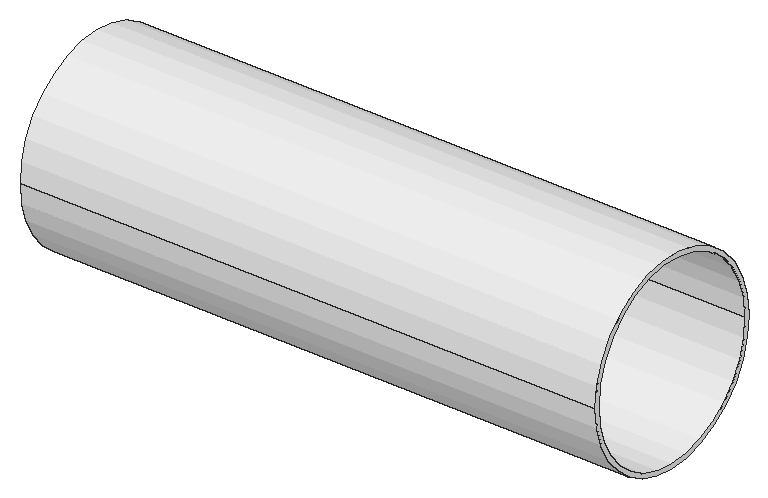
Revit family
Parameters (values of type "PIP406.4x9")
  t = 9 mm
  W = 0.86495
  시작 확장 계산 [instance] = 3012.5 mm + 시작 확장  # 3000 mm
  시작 확장 [instance] = -12.5 mm
  Length [instance] = 1500 mm
  OD = 406.4 mm
  끝 확장 계산 [instance] = 3012.5 mm + 끝 확장  # 3000 mm
  끝 확장 [instance] = -12.5 mm
  보 재료 [instance] = 금속 - 스틸 - 345 MPa
  A = 0.011 m²
Reference planes
  plane 1 "중심(앞/뒤)": y = 0
  plane 2: z = 0
  plane 3 "중심(왼쪽/오른쪽)": x = 4.61
  plane 4 "왼쪽 부재": x = -604.99
  plane 5 "오른쪽 부재": x = 614.21
  plane 6: y = 203.2
  plane 7: y = -203.2
  plane 8 "상단": z = 203.2
  plane 9: z = -203.2
  plane 10 "왼쪽": x = -757.39
  plane 11 "오른쪽": x = 742.61
  plane 12: x = -604.99
  plane 13: x = 614.21
  plane 14: x = 2395.01
  plane 15: x = -2385.79
Forms (mm)
  Extrusion 1, solid, material "금속 - 스틸 - 345 MPa" <- "보 재료", detail levels medium+fine
    sketch origin (4.61, 0, 0) x (0, 1, 0) y (0, 0, 1)
      loop
        circle (0, 0) r 203.2
      loop
        circle (0, 0) r 194.2
    from -609.6 to 609.6
Lines and regions (mm)
  symbolic lines, style "기호 부착", detail levels coarse
    curve 1: arc (0, 203.2, 0) -> (0, 0, -203.2) -> (0, -203.2, 0) r 203.2
    curve 2: arc (0, -203.2, 0) -> (0, 0, 203.2) -> (0, 203.2, 0) r 203.2
Dimensions and locks
  "OD": plane 6 to plane 7
  "OD": plane 9 to plane 8 "상단"
  equal spacing: plane 9, plane 2, plane 8 "상단"
  equal spacing: plane 6, plane 1 "중심(앞/뒤)", plane 7
  "Length": plane 10 "왼쪽" to plane 11 "오른쪽"
  "t": plane 6 to Extrusion 1 sketch curve
  "t": Extrusion 1 sketch curve to plane 7
  "시작 확장 계산": plane 12 to plane 14
  "끝 확장 계산": plane 15 to plane 13
  locked: plane 4 "왼쪽 부재" to plane 14 at 3000
  locked: plane 15 to plane 5 "오른쪽 부재" at 3000
  aligned and locked: Extrusion 1 to plane 12
  aligned and locked: Extrusion 1 to plane 13
Automatic sketch dimensions
  curve 1 to level = 0 mm
  curve 1 to plane 7 = 0 mm
  curve 1 to plane 1 "중심(앞/뒤)" = 0 mm
  Extrusion 1 sketch curve to Extrusion 1 sketch curve = 0 mm  (x2)
  Extrusion 1 sketch curve to level = 0 mm
  Extrusion 1 sketch curve to plane 7 = 0 mm
